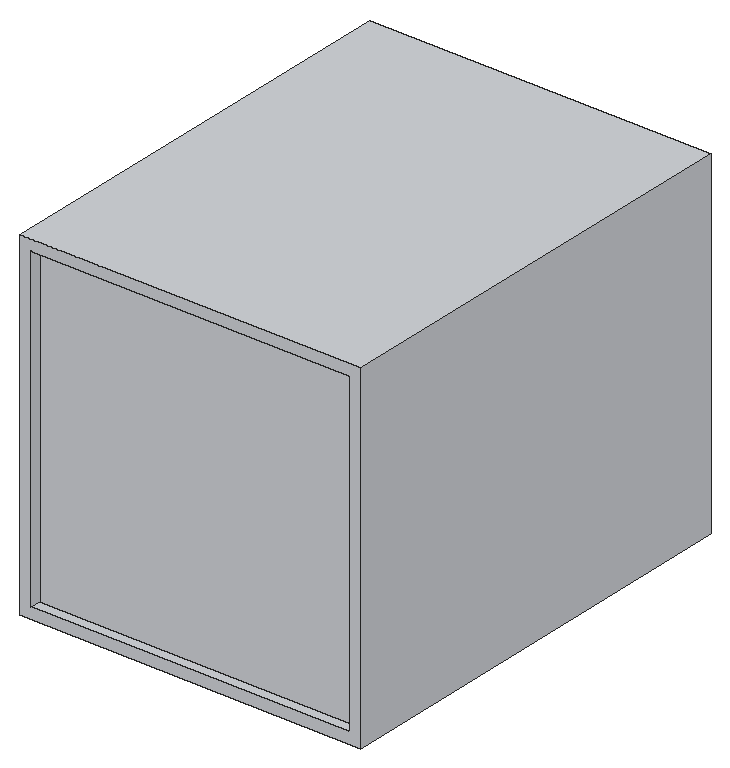
Revit family "BOX BV PLUS", category Modelos genéricos, Revit 2017
Family settings
  Puede alojar armadura = No
  Cota de conector redondo = Diámetro de uso
  Tipo de pieza = Normal
  Se basa en plano de trabajo = No
  Siempre vertical = Sí
  Corte con vacíos al cargar = No
  Compartido = No
  Punto de cálculo de habitación = No
Parameters (values of type "BOX BV PLUS 18/18")
  e = (A - J) / 2  # 30 mm
  URL = "www.casals.com"
  Modelo = "BOX BV PLUS 18/18"
  L = 41 mm
  J = 890 mm
  I = 197 mm
  Fabricante = "Casals Ventilación"
  E = 139 mm
  D = 483 mm
  C = 1220 mm
  B = A  # 950 mm
  A = 950 mm
Types (7, lengths in mm): name | Modelo | J | I | E | D | C | B | A
  (no name) | "BOX BV PLUS 18/18" | 890 | 197 | 139 | 483 | 1220 | 950 | 950
  BOX BV PLUS 7/7 | "BOX BV PLUS 7/7" | 440 | 135 | 102 | 208 | 770 | 500 | 500
  BOX BV PLUS 9/9 | "BOX BV PLUS 9/9" | 490 | 121.5 | 82 | 260 | 820 | 550 | 550
  BOX BV PLUS 10/10 | "BOX BV PLUS 10/10" | 540 | 135.5 | 80 | 291 | 870 | 600 | 600
  BOX BV PLUS 12/12 | "BOX BV PLUS 12/12" | 640 | 152 | 103.3 | 343.5 | 970 | 700 | 700
  BOX BV PLUS 15/15 | "BOX BV PLUS 15/15" | 740 | 163.5 | 113 | 404 | 1070 | 800 | 800
  BOX BV PLUS 18/18 | "BOX BV PLUS 18/18" | 890 | 197 | 139 | 483 | 1220 | 950 | 950
Reference planes
  plane 1 "Centro (Frontal/Posterior)": y = 0
  plane 2: z = 0
  plane 3 "Centro (Izquierda/Derecha)": x = 0
  plane 4: x = -475
  plane 5: x = 475
  plane 6: z = 950
  plane 7: y = -1220
  plane 8: z = 920
  plane 9: z = 30
  plane 10: x = 445
  plane 11: x = -445
  plane 12: y = -1190
  plane 13: y = 41
  plane 14: z = 811
  plane 15: z = 326
  plane 16: z = 327
  plane 17: z = 810
  plane 18: x = -278
  plane 19: x = -277
  plane 20: x = 277
  plane 21: x = 278
Forms (mm)
  Extrusion 1, solid
    sketch origin (0, 0, 0) x (1, 0, 0) y (0, 0, 1)
      loop
        line (-475, 950) -> (-475, 0) -> (475, 0) -> (475, 950) -> (-475, 950)
    from 0 to 1220
  Extrusion 2, void
    sketch origin (0, 0, 0) x (1, 0, 0) y (0, 0, 1)
      loop
        line (445, 920) -> (-445, 920) -> (-445, 30) -> (445, 30) -> (445, 920)
    from 1190 to 1220
  Extrusion 3, solid
    sketch origin (0, 0, 0) x (1, 0, 0) y (0, 0, 1)
      loop
        line (-278, 811) -> (-278, 326) -> (278, 326) -> (278, 811) -> (-278, 811)
      loop
        line (-277, 810) -> (-277, 327) -> (277, 327) -> (277, 810) -> (-277, 810)
    from -41 to 0
Cuts and joins
  Extrusion 2 cuts Extrusion 1
Dimensions and locks
  equal spacing: plane 5, plane 3 "Centro (Izquierda/Derecha)", plane 4
  "A": plane 5 to plane 4
  "B": plane 6 to level
  "C": plane 7 to plane 1 "Centro (Frontal/Posterior)"
  equal spacing: plane 11, plane 3 "Centro (Izquierda/Derecha)", plane 10
  plane 8 to plane 6 = 30 mm
  level to plane 9 = 30 mm
  "J": plane 11 to plane 10
  "e": plane 7 to plane 12
  "L": plane 1 "Centro (Frontal/Posterior)" to plane 13
  "e": plane 6 to plane 8
  "e": plane 9 to level
  equal spacing: plane 20, plane 3 "Centro (Izquierda/Derecha)", plane 19
  equal spacing: plane 21, plane 3 "Centro (Izquierda/Derecha)", plane 18
  "I": plane 5 to plane 21
  plane 21 to plane 20 = 1 mm
  "E": plane 6 to plane 14
  plane 14 to plane 17 = 1 mm
  "D": plane 17 to plane 16
  plane 16 to plane 15 = 1 mm
  aligned and locked: level to plane 2
  aligned and locked: Extrusion 1 sketch curve to plane 6
  aligned and locked: plane 4 to Extrusion 1 sketch curve
  aligned and locked: plane 2 to Extrusion 1 sketch curve
  aligned and locked: Extrusion 1 sketch curve to plane 5
  aligned and locked: Extrusion 1 to plane 7
  aligned and locked: plane 8 to Extrusion 2 sketch curve
  aligned and locked: plane 11 to Extrusion 2 sketch curve
  aligned and locked: cut or joined group of Extrusion 1, Extrusion 2 to plane 7
  aligned and locked: plane 12 to cut or joined group of Extrusion 1, Extrusion 2
  aligned and locked: Extrusion 3 sketch curve to plane 14
  aligned and locked: plane 15 to Extrusion 3 sketch curve
  aligned and locked: Extrusion 3 sketch curve to plane 21
  aligned and locked: plane 19 to Extrusion 3 sketch curve
  aligned and locked: plane 16 to Extrusion 3 sketch curve
  aligned and locked: Extrusion 3 sketch curve to plane 20
  aligned and locked: plane 13 to Extrusion 3
Automatic sketch dimensions
  Extrusion 2 sketch curve to plane 9 = 0 mm
  plane 10 to Extrusion 2 sketch curve = 0 mm
  Extrusion 3 sketch curve to plane 18 = 0 mm
  Extrusion 3 sketch curve to plane 17 = 0 mm
